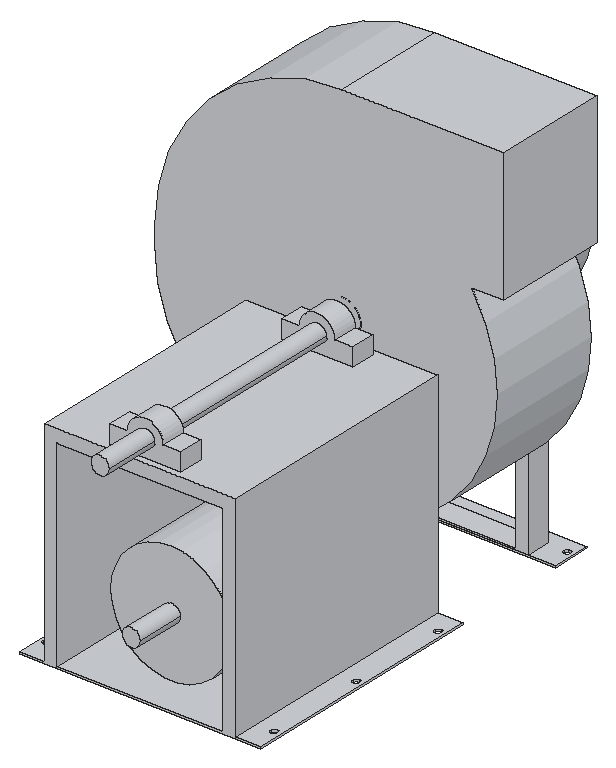
Revit family "IMH_ARR_10", category Mechanical Equipment, Revit 2019
Family settings
  Round Connector Dimension = Use Radius
  Part Type = Normal
  Work Plane-Based = No
  Always vertical = No
  Cut with Voids When Loaded = No
  Shared = No
  Room Calculation Point = No
Parameters (values of type "110_MH_ARR_10")
  ZERO = 0.00°  # constant formula
  Z = 20 13/16"
  Y = 14 7/16"
  X = 15 3/4"
  W = 8"
  Unit Weight [instance] = ""
  UNIT_SIZE = 110
  UBD_CW = if(UBD, CW, NO)  # no
  UBD_CCW = if(UBD, CCW, NO)  # no
  UBD = no
  U = 8 13/16"
  THIRD_CURVE = A / 6  # 1.72917"
  THD_CW = if(THD, CW, NO)  # yes
  THD_CCW = if(THD, CCW, NO)  # no
  THD = yes
  TAU_CW = if(TAU, CW, NO)  # no
  TAU_CCW = if(TAU, CCW, NO)  # no
  TAU = no
  TAD_CW = if(TAD, CW, NO)  # no
  TAD_CCW = if(TAD, CCW, NO)  # no
  TAD = no
  T/2 = T / 2  # 23/32"
  T+T+1" = T + T + 1"  # 3 7/8"
  T = 1 7/16"
  Sones [instance] = ""
  SECOND_CURVE = A / 8  # 1 19/64"
  S = 6 1/2"
  R*.75 = -R * 0.75  # -12 3/8"
  R = 16 1/2"
  Q = R / 2  # 8 1/4"
  P/2 = P / 2  # 9/32"
  P = 9/16"
  NO = UNIT_SIZE = 9999999999999  # no
  N-A = N - A  # 6 1/16"
  N = 16 7/16"
  Motor RPM [instance] = ""
  Motor Enclosure [instance] = ""
  ModelID [instance] = ""
  M/2 = M / 2  # 6 1/2"
  M-(A/5) = M - (A / 5)  # 10.925"
  M*.9 = M - (A / 5)  # 10.925"
  M = 13"
  LwA [instance] = ""
  L_RAD = 18 5/32"
  L = 15 1/16"
  K = 9 3/16"
  J = 4"
  H = 35 3/16"
  G = 32 7/8"
  Fan RPM [instance] = ""
  FIRST_CURVE = 0"  # constant formula
  F = 25"
  E/2 = E / 2  # 4 27/32"
  E-2" = E - 2"  # 7 11/16"
  E = 9 11/16"
  DBD_CW = if(DBD, CW, NO)  # no
  DBD_CCW = if(DBD, CCW, NO)  # no
  DBD = no
  CW = yes
  CCW = not(CW)  # no
  BHD_CW = if(BHD, CW, NO)  # no
  BHD_CCW = if(BHD, CCW, NO)  # no
  BHD = no
  BAU_CW = if(BAU, CW, NO)  # no
  BAU_CCW = if(BAU, CCW, NO)  # no
  BAU = no
  BAD_CW = if(BAD, CW, NO)  # no
  BAD_CCW = if(BAD, CCW, NO)  # no
  BAD = no
  Accessories [instance] = ""
  2T = T + T  # 2 7/8"
  2S = S + S  # 13"
  -R*.75 = -R * 0.75  # -12 3/8"
  -D+.125" = -D + 1/8"  # -18 5/8"
  D = 18 3/4"
  C/2 = C / 2  # 5 1/2"
  C = 11"
  BB = 13 1/16"
  B/2 = B / 2  # 4 9/16"
  B+.25" = B + 1/4"  # 9 3/8"
  B = 9 1/8"
  ANGLEs [instance] = 225.00°
  AA = 13 3/4"
  A/5 = A / 5  # 2.075"
  A/2 = A / 2  # 5 3/16"
  A+.25" = A + 1/4"  # 10 5/8"
  A = 10 3/8"
  90 = 90.00°  # constant formula
  3" = 3"  # constant formula
  Brake Hp [instance] = ""
  4" = 4"  # constant formula
  2' = 24"
  2" = 2"  # constant formula
  1" = 1"  # constant formula
  0 = 0"  # constant formula
  Voltage [instance] = 0 V
  URL = "www.lorencook.com"
  Type Comments = "Industrial Material Handler Backward Inclined Radial Blade Belt Driven Single Width, Single Inlet Arrangement 10"
  Static Pressure [instance] = 0.00 in-wg
  Power [instance] = Voltage * Motor FLA * sqrt(if(Phase = 3, 3, 1))  # 0 VA
  Phase [instance] = 0
  Number of Poles [instance] = 1
  Motor Hp [instance] = "0"
  Motor FLA [instance] = 0 A
  Model = "MH"
  Manufacturer = "Loren Cook Company"
  CFM [instance] = 0 CFM
  1.5 = 1 1/2"  # constant formula
  91*AA = 0.91 * AA  # 12.5125"
  ONE EIGTH = 1/8"  # constant formula
  -F = -F  # -25"
  -D = -D  # -18 3/4"
  -((B + 1/4") / 2) = -((B + 1/4") / 2)  # -4 11/16"
  (N-A)/2 = (N - A) / 2  # 3 1/32"
  (C/2)-.125" = (C / 2) - 1/8"  # 5 3/8"
  (C/2)+2" = (C / 2) + 2"  # 7 1/2"
  (B + 1/4") / 2 = (B + 1/4") / 2  # 4 11/16"
Reference planes (in)
  plane 1 "Center (Front/Back)": y = 0
  plane 2: z = 0
  plane 3 "Center (Left/Right)": x = 0.40541
Forms (in)
  Extrusion 1, solid
    sketch origin (0, 0, 0) x (1, 0, 0) y (0, 0, 1)
      loop
        circle (0.40541, 0) r 1.5
    from -4.6875 <- "-((B + 1/4") / 2)" to 4.6875 <- "(B + 1/4") / 2"
  Extrusion 2, solid
    sketch origin (0, 0, 0) x (1, 0, 0) y (0, 0, 1)
      loop
        line (8.09291, -18.625) -> (8.09291, -1.4375) -> (-7.28209, -1.4375) -> (-7.28209, -18.625) -> (-9.28209, -18.625) -> (-9.28209, -18.75) -> (10.09291, -18.75) -> (10.09291, -18.625) -> (8.09291, -18.625)
      loop
        line (-6.28209, -18.625) -> (7.09291, -18.625) -> (7.09291, -2.4375) -> (-6.28209, -2.4375) -> (-6.28209, -18.625)
    from 25 <- "F" to 4.6875 <- "(B + 1/4") / 2"
  Extrusion 3, solid
    sketch origin (0, -25, 0) x (1, 0, 0) y (0, 0, 1)
      loop
        circle (0.40541, 0) r 0.71875
    from 4 <- "J" to -25 <- "-F"
  Extrusion 4, solid
    sketch origin (0, 0, 0) x (1, 0, 0) y (0, 1, 0)
      loop
        line (-9.28209, 7.875) -> (-9.28209, 4.6875) -> (10.09291, 4.6875) -> (10.09291, 7.875) -> (-9.28209, 7.875)
    from -18.625 <- "-D+.125"" to -18.75 <- "-D"
  Extrusion 5, solid
    sketch origin (0, 4.6875, 0) x (-1, 0, 0) y (0, 0, 1)
      loop
        line (-7.90541, 7.5) -> (-7.90541, -18.625) -> (7.09459, -18.625) -> (7.09459, 7.5) -> (-7.90541, 7.5)
      loop
        line (-6.90541, -7.5) -> (-6.90541, -18.5) -> (6.09459, -18.5) -> (6.09459, -7.5) -> (-6.90541, -7.5)
      loop
        line (-6.90541, -6.5) -> (6.09459, -6.5) -> (6.09459, 6.5) -> (-6.90541, 6.5) -> (-6.90541, -6.5)
    from 0 to 2
  Revolve 6, void
    sketch origin (0.40541, 0, 0) x (0, 1, 0) y (0, 0, 1)
      loop
        line (4.6875, 5.5) -> (0, 4.6875) -> (0, 0) -> (4.6875, 0) -> (4.6875, 5.5)
      axis (0, 0) -> (4.6875, 0)
    angle from 0 to 360
  Extrusion 7, void
    sketch origin (0, 0, 0) x (1, 0, 0) y (0, 1, 0)
      loop
        circle (9.59291, 6.5) r 0.28125
      loop
        circle (9.59291, -6.5) r 0.28125
      loop
        circle (9.59291, -14.75) r 0.28125
      loop
        circle (9.59291, -23) r 0.28125
      loop
        circle (-8.78209, -23) r 0.28125
      loop
        circle (-8.78209, -14.75) r 0.28125
      loop
        circle (-8.78209, -6.5) r 0.28125
      loop
        circle (-8.78209, 6.5) r 0.28125
    from -18.625 <- "-D+.125"" to -18.75 <- "-D"
  Extrusion 8, solid
    sketch origin (0, -25, 0) x (1, 0, 0) y (0, 0, 1)
      loop
        line (-2.46959, 0) -> (-2.46959, -1.4375) -> (3.28041, -1.4375) -> (3.28041, 0) -> (1.84291, 0)
        arc (1.84291, 0) -> (0.40541, 1.4375) -> (-1.03209, 0) r 1.4375
        line (-1.03209, 0) -> (-2.46959, 0)
    from -2.5 to -0.5
  Extrusion 9, solid
    sketch origin (0, -4.6875, 0) x (-1, 0, 0) y (0, 0, 1)
      loop
        arc (1.03209, 0) -> (-0.40541, 1.4375) -> (-1.84291, 0) r 1.4375
        line (-1.84291, 0) -> (-3.28041, 0) -> (-3.28041, -1.4375) -> (2.46959, -1.4375) -> (2.46959, 0) -> (1.03209, 0)
    from -2.5 to -0.5
  Extrusion 10, solid
    sketch origin (0, 4.6875, 0) x (-1, 0, 0) y (0, 0, 1)
      loop
        circle (-0.40541, 0) r 5.375
      loop
        circle (-0.40541, 0) r 5.5
    from 0 <- "0" to 8.8125 <- "U"
  Extrusion 11, solid
    sketch origin (0, -21.875, 0) x (1, 0, 0) y (0, 0, 1)
      loop
        circle (0.40541, -13.78125) r 4.84375
    from 0 to -12.375 <- "-R*.75"
  Extrusion 12, solid
    sketch origin (0, -21.875, 0) x (1, 0, 0) y (0, 0, 1)
      loop
        circle (0.40541, -13.78125) r 0.71875
    from 0 to 4 <- "J"
Cuts and joins
  Revolve 6 cuts Extrusion 1
  Revolve 6 cuts Extrusion 3
  Revolve 6 cuts Extrusion 5
  Extrusion 7 cuts Extrusion 2
  Extrusion 7 cuts Extrusion 4
Lines and regions (in)
  reference lines
    curve 1: line (0.40541, 0, 0) -> (-3.88142, 0, -4.28683)
    curve 2: line (0.40541, 39.4375, 0) -> (0.40541, -53.5625, 0)
Dimensions and locks (in)
  "0": level to curve 1
  "0": curve 1 to plane 3 "Center (Left/Right)"
  "N-A": curve 1 to curve 1
  "E": plane 3 "Center (Left/Right)" to Extrusion 2 sketch curve
  "E": Extrusion 2 sketch curve to plane 3 "Center (Left/Right)"
  "ONE EIGTH": Extrusion 2 sketch curve to Extrusion 2 sketch curve  (x2)
  "D": level to Extrusion 2 sketch curve
  "0": Extrusion 3 sketch curve to plane 3 "Center (Left/Right)"
  "0": Extrusion 3 sketch curve to level
  "G": Extrusion 2 to Extrusion 4 sketch curve
  "0": Extrusion 4 sketch curve to cut or joined group of Extrusion 1, Revolve 6
  "0": Extrusion 4 sketch curve to Extrusion 2
  "0": Extrusion 2 to Extrusion 4 sketch curve
  "1"": Extrusion 5 sketch curve to Extrusion 5 sketch curve  (x6)
  "ONE EIGTH": Extrusion 5 sketch curve to Extrusion 5 sketch curve
  "(C/2)+2"": level to Extrusion 5 sketch curve
  "(C/2)+2"": Extrusion 5 sketch curve to level
  "(C/2)+2"": plane 3 "Center (Left/Right)" to Extrusion 5 sketch curve
  "(C/2)+2"": Extrusion 5 sketch curve to plane 3 "Center (Left/Right)"
  "ONE EIGTH": Extrusion 4 to Extrusion 5 sketch curve
  "0": Revolve 6 sketch curve to level  (x2)
  "(B + 1/4") / 2": Revolve 6 sketch curve to Revolve 6 sketch curve  (x2)
  "0": Revolve 6 sketch curve to cut or joined group of Extrusion 1, Revolve 6
  "K": plane 3 "Center (Left/Right)" to Extrusion 7 sketch curve  (x4)
  "2"": Extrusion 2 to Extrusion 7 sketch curve
  "Q": Extrusion 7 sketch curve to Extrusion 7 sketch curve  (x4)
  "2S": Extrusion 7 sketch curve to Extrusion 7 sketch curve  (x2)
  "K": Extrusion 7 sketch curve to plane 3 "Center (Left/Right)"  (x4)
  "2"": cut or joined group of Extrusion 2, Extrusion 7 to Extrusion 7 sketch curve
  "2T": plane 3 "Center (Left/Right)" to Extrusion 8 sketch curve
  "2T": Extrusion 8 sketch curve to plane 3 "Center (Left/Right)"
  "0": Extrusion 8 sketch curve to level  (x2)
  "0": Extrusion 8 sketch curve to plane 3 "Center (Left/Right)"
  "0": Extrusion 9 sketch curve to plane 3 "Center (Left/Right)"
  "0": Extrusion 9 sketch curve to level  (x2)
  "0": level to Extrusion 9 sketch curve
  "2T": Extrusion 9 sketch curve to plane 3 "Center (Left/Right)"  (x2)
  "C/2": Revolve 6 sketch curve to level
  "0": Extrusion 10 sketch curve to plane 3 "Center (Left/Right)"  (x2)
  "0": Extrusion 10 sketch curve to level  (x2)
  "E-2"": plane 3 "Center (Left/Right)" to Extrusion 2 sketch curve
  "E-2"": Extrusion 2 sketch curve to plane 3 "Center (Left/Right)"
  "T": level to Extrusion 2 sketch curve
  "2"": Extrusion 2 sketch curve to Extrusion 2 sketch curve  (x2)
  "E/2": cut or joined group of Extrusion 2, Extrusion 7 to Extrusion 11 sketch curve
  "0": Extrusion 12 sketch curve to plane 3 "Center (Left/Right)"
  "E/2": cut or joined group of Extrusion 2, Extrusion 7 to Extrusion 12 sketch curve
  locked: Extrusion 2 sketch curve to Extrusion 2 sketch curve at 1  (x3)
  "0": Extrusion 11 sketch curve to plane 3 "Center (Left/Right)"
  "T/2": radius of Extrusion 3 sketch curve
  "P/2": radius of Extrusion 7 sketch curve  (x8)
  "T": radius of Extrusion 8 sketch curve
  "T": radius of Extrusion 9 sketch curve
  "C/2": radius of Extrusion 10 sketch curve
  "(C/2)-.125"": radius of Extrusion 10 sketch curve
  "E/2": radius of Extrusion 11 sketch curve
  "T/2": radius of Extrusion 12 sketch curve
  "ANGLEs": angle curve 1 to plane 3 "Center (Left/Right)"
  aligned and locked: level to plane 2
  aligned and locked: plane 3 "Center (Left/Right)" to nested 1
  aligned and locked: nested 4 to plane 3 "Center (Left/Right)"
  aligned and locked: nested 4 to nested 5
  aligned and locked: nested 5 to nested 6
  aligned and locked: nested 4 to nested 2
  aligned and locked: level to nested 4
  aligned and locked: level to nested 3
  aligned and locked: level to nested 5
  aligned and locked: level to nested 2
  aligned and locked: level to nested 8
  aligned and locked: plane 1 "Center (Front/Back)" to nested 8
  aligned and locked: plane 1 "Center (Front/Back)" to nested 7
  aligned and locked: plane 1 "Center (Front/Back)" to nested 3
  aligned and locked: plane 1 "Center (Front/Back)" to nested 2
  aligned and locked: plane 1 "Center (Front/Back)" to nested 6
  aligned and locked: plane 1 "Center (Front/Back)" to nested 5
  aligned and locked: plane 1 "Center (Front/Back)" to nested 4
  aligned and locked: level to nested 12
  aligned and locked: level to nested 11
  aligned and locked: level to nested 13
  aligned and locked: level to nested 10
  aligned and locked: level to nested 16
  aligned and locked: nested 15 to plane 1 "Center (Front/Back)"
  aligned and locked: plane 3 "Center (Left/Right)" to nested 15
  aligned and locked: nested 11 to plane 1 "Center (Front/Back)"
  aligned and locked: plane 3 "Center (Left/Right)" to nested 11
  aligned and locked: nested 16 to plane 1 "Center (Front/Back)"
  aligned and locked: plane 3 "Center (Left/Right)" to nested 16
  aligned and locked: nested 13 to plane 1 "Center (Front/Back)"
  aligned and locked: nested 12 to plane 1 "Center (Front/Back)"
  aligned and locked: nested 12 to curve 2
  aligned and locked: nested 10 to plane 1 "Center (Front/Back)"
  aligned and locked: plane 3 "Center (Left/Right)" to nested 10
  aligned and locked: nested 14 to plane 1 "Center (Front/Back)"
  aligned and locked: nested 9 to plane 1 "Center (Front/Back)"
  aligned and locked: plane 3 "Center (Left/Right)" to nested 14
  aligned and locked: nested 9 to plane 3 "Center (Left/Right)"
  aligned and locked: plane 3 "Center (Left/Right)" to nested 13
  aligned and locked: nested 3 to plane 3 "Center (Left/Right)"
  aligned and locked: nested 7 to plane 3 "Center (Left/Right)"
  aligned and locked: nested 8 to plane 3 "Center (Left/Right)"
  aligned and locked: Extrusion 2 sketch curve to Extrusion 2 sketch curve
  aligned and locked: level to nested 14
  aligned and locked: level to nested 6
Automatic sketch dimensions
  Revolve 6 sketch curve to Revolve 6 sketch curve = 4 1/4"
  Revolve 6 sketch curve to Revolve 6 sketch curve = 1 3/4"
  Extrusion 8 sketch curve to Extrusion 2 = 0"
  Extrusion 9 sketch curve to Extrusion 2 = 0"
  Extrusion 1 sketch curve to level = 0"
  Extrusion 1 sketch curve to plane 3 "Center (Left/Right)" = 0"
  curve 2 to plane 3 "Center (Left/Right)" = 0"
  plane 1 "Center (Front/Back)" to curve 2 = 53 9/16"
  curve 2 to plane 1 "Center (Front/Back)" = 39 7/16"
  radius of Extrusion 1 sketch curve = 1 1/2"
Nested families (in)
  nested 1: "IMH_SCROLL" at (0, 3, 0), visible <- "THD_CW", type "IMH_SCROLL"
    with UNIT_SIZE 110, N 16 7/16", M 13", L 15 1/16", C 11", B+.25" 9 3/8", B 9 1/8", AA 13 3/4", A/4 2 19/32", A+.25" 10 5/8", A 10 3/8"
  nested 2: "IMH_SCROLL" at (0.81082, 3, 0) x (-1, 0, 0) z (0, 0, -1), visible <- "BHD_CW", type "IMH_SCROLL"
    with UNIT_SIZE 110, N 16 7/16", M 13", L 15 1/16", C 11", B+.25" 9 3/8", B 9 1/8", AA 13 3/4", A/4 2 19/32", A+.25" 10 5/8", A 10 3/8"
  nested 3: "IMH_SCROLL" at (0.11874, 3, 0.28667) x (0.7071, 0, -0.7071) z (0.7071, 0, 0.7071), visible <- "TAD_CW", type "IMH_SCROLL"
    with UNIT_SIZE 110, N 16 7/16", M 13", L 15 1/16", C 11", B+.25" 9 3/8", B 9 1/8", AA 13 3/4", A/4 2 19/32", A+.25" 10 5/8", A 10 3/8"
  nested 4: "IMH_SCROLL" at (0.11874, 3, -0.28667) x (0.7071, 0, 0.7071) z (-0.7071, 0, 0.7071), visible <- "TAU_CW", type "IMH_SCROLL"
    with UNIT_SIZE 110, N 16 7/16", M 13", L 15 1/16", C 11", B+.25" 9 3/8", B 9 1/8", AA 13 3/4", A/4 2 19/32", A+.25" 10 5/8", A 10 3/8"
  nested 5: "IMH_SCROLL" at (0.40541, 3, -0.40541) x (0, 0, 1) z (-1, 0, 0), visible <- "UBD_CW", type "IMH_SCROLL"
    with UNIT_SIZE 110, N 16 7/16", M 13", L 15 1/16", C 11", B+.25" 9 3/8", B 9 1/8", AA 13 3/4", A/4 2 19/32", A+.25" 10 5/8", A 10 3/8"
  nested 6: "IMH_SCROLL" at (0.69208, 3, -0.28667) x (-0.7071, 0, 0.7071) z (-0.7071, 0, -0.7071), visible <- "BAU_CW", type "IMH_SCROLL"
    with UNIT_SIZE 110, N 16 7/16", M 13", L 15 1/16", C 11", B+.25" 9 3/8", B 9 1/8", AA 13 3/4", A/4 2 19/32", A+.25" 10 5/8", A 10 3/8"
  nested 7: "IMH_SCROLL" at (0.40541, 3, 0.40541) x (0, 0, -1) z (1, 0, 0), visible <- "DBD_CW", type "IMH_SCROLL"
    with UNIT_SIZE 110, N 16 7/16", M 13", L 15 1/16", C 11", B+.25" 9 3/8", B 9 1/8", AA 13 3/4", A/4 2 19/32", A+.25" 10 5/8", A 10 3/8"
  nested 8: "IMH_SCROLL" at (0.69208, 3, 0.28667) x (-0.7071, 0, -0.7071) z (0.7071, 0, -0.7071), visible <- "BAD_CW", type "IMH_SCROLL"
    with UNIT_SIZE 110, N 16 7/16", M 13", L 15 1/16", C 11", B+.25" 9 3/8", B 9 1/8", AA 13 3/4", A/4 2 19/32", A+.25" 10 5/8", A 10 3/8"
  nested 9: "IMH_SCROLL" at (0.81082, -3, 0) x (-1, 0, 0) z (0, 0, 1), visible <- "THD_CCW", type "IMH_SCROLL"
    with UNIT_SIZE 110, N 16 7/16", M 13", L 15 1/16", C 11", B+.25" 9 3/8", B 9 1/8", AA 13 3/4", A/4 2 19/32", A+.25" 10 5/8", A 10 3/8"
  nested 10: "IMH_SCROLL" at (0, -3, 0) x (1, 0, 0) z (0, 0, -1), visible <- "BHD_CCW", type "IMH_SCROLL"
    with UNIT_SIZE 110, N 16 7/16", M 13", L 15 1/16", C 11", B+.25" 9 3/8", B 9 1/8", AA 13 3/4", A/4 2 19/32", A+.25" 10 5/8", A 10 3/8"
  nested 11: "IMH_SCROLL" at (0.69208, -3, 0.28667) x (-0.7071, 0, -0.7071) z (-0.7071, 0, 0.7071), visible <- "TAD_CCW", type "IMH_SCROLL"
    with UNIT_SIZE 110, N 16 7/16", M 13", L 15 1/16", C 11", B+.25" 9 3/8", B 9 1/8", AA 13 3/4", A/4 2 19/32", A+.25" 10 5/8", A 10 3/8"
  nested 12: "IMH_SCROLL" at (0.69208, -3, -0.28667) x (-0.7071, 0, 0.7071) z (0.7071, 0, 0.7071), visible <- "TAU_CCW", type "IMH_SCROLL"
    with UNIT_SIZE 110, N 16 7/16", M 13", L 15 1/16", C 11", B+.25" 9 3/8", B 9 1/8", AA 13 3/4", A/4 2 19/32", A+.25" 10 5/8", A 10 3/8"
  nested 13: "IMH_SCROLL" at (0.40541, -3, -0.40541) x (0, 0, 1) z (1, 0, 0), visible <- "UBD_CCW", type "IMH_SCROLL"
    with UNIT_SIZE 110, N 16 7/16", M 13", L 15 1/16", C 11", B+.25" 9 3/8", B 9 1/8", AA 13 3/4", A/4 2 19/32", A+.25" 10 5/8", A 10 3/8"
  nested 14: "IMH_SCROLL" at (0.11874, -3, -0.28667) x (0.7071, 0, 0.7071) z (0.7071, 0, -0.7071), visible <- "BAU_CCW", type "IMH_SCROLL"
    with UNIT_SIZE 110, N 16 7/16", M 13", L 15 1/16", C 11", B+.25" 9 3/8", B 9 1/8", AA 13 3/4", A/4 2 19/32", A+.25" 10 5/8", A 10 3/8"
  nested 15: "IMH_SCROLL" at (0.40541, -3, 2.09518) x (0, 0, -1) z (-1, 0, 0), visible <- "DBD_CCW", type "IMH_SCROLL"
    with UNIT_SIZE 110, N 16 7/16", M 13", L 15 1/16", C 11", B+.25" 9 3/8", B 9 1/8", AA 13 3/4", A/4 2 19/32", A+.25" 10 5/8", A 10 3/8"
  nested 16: "IMH_SCROLL" at (0.11874, -3, 0.28667) x (0.7071, 0, -0.7071) z (-0.7071, 0, -0.7071), visible <- "BAD_CCW", type "IMH_SCROLL"
    with UNIT_SIZE 110, N 16 7/16", M 13", L 15 1/16", C 11", B+.25" 9 3/8", B 9 1/8", AA 13 3/4", A/4 2 19/32", A+.25" 10 5/8", A 10 3/8"
Connectors (in)
  hvac at (0.40541, 13.5, 0), driven by "CFM", driven by "C/2"
    settings: on Extrusion 10, index 3, duct flow 0 CFM, flow factor 0, pres drop 0.00 in-wg, loss coef 0, conn angle 0.00°, conn width 12", conn height 12", conn diameter 11", duct sys type 3, conn prof type 0, flow config 0, flow direction 1, loss method 0, conn ref index -1, conn util no, is conn primary yes, conn desc ""
  hvac at (1.73124, 0, 17.05895), driven by "CFM", driven by "A", driven by "B"
    settings: on nested 4, index 5, duct flow 0 CFM, flow factor 0, pres drop 0.00 in-wg, loss coef 0, conn angle 0.00°, conn width 9 1/8", conn height 10 3/8", conn diameter 24", duct sys type 3, conn prof type 1, flow config 0, flow direction 1, loss method 0, conn ref index -1, conn util no, is conn primary no, conn desc ""
  hvac at (13.40541, 0, 11.125), driven by "CFM", driven by "A", driven by "B"
    settings: on nested 1, index 6, duct flow 0 CFM, flow factor 0, pres drop 0.00 in-wg, loss coef 0, conn angle 0.00°, conn width 9 1/8", conn height 10 3/8", conn diameter 24", duct sys type 3, conn prof type 1, flow config 0, flow direction 1, loss method 0, conn ref index -1, conn util no, is conn primary no, conn desc ""
  hvac at (17.46436, 0, -1.32583), driven by "CFM", driven by "A", driven by "B"
    settings: on nested 3, index 7, duct flow 0 CFM, flow factor 0, pres drop 0.00 in-wg, loss coef 0, conn angle 0.00°, conn width 9 1/8", conn height 10 3/8", conn diameter 24", duct sys type 3, conn prof type 1, flow config 0, flow direction 1, loss method 0, conn ref index -1, conn util no, is conn primary no, conn desc ""
  hvac at (11.53041, 0, -13), driven by "CFM", driven by "A", driven by "B"
    settings: on nested 7, index 8, duct flow 0 CFM, flow factor 0, pres drop 0.00 in-wg, loss coef 0, conn angle 0.00°, conn width 9 1/8", conn height 10 3/8", conn diameter 24", duct sys type 3, conn prof type 1, flow config 0, flow direction 1, loss method 0, conn ref index -1, conn util no, is conn primary no, conn desc ""
  hvac at (-0.92041, 0, -17.05895), driven by "CFM", driven by "A", driven by "B"
    settings: on nested 8, index 9, duct flow 0 CFM, flow factor 0, pres drop 0.00 in-wg, loss coef 0, conn angle 0.00°, conn width 9 1/8", conn height 10 3/8", conn diameter 24", duct sys type 3, conn prof type 1, flow config 0, flow direction 1, loss method 0, conn ref index -1, conn util no, is conn primary no, conn desc ""
  hvac at (-12.59459, 0, -11.125), driven by "CFM", driven by "A", driven by "B"
    settings: on nested 2, index 10, duct flow 0 CFM, flow factor 0, pres drop 0.00 in-wg, loss coef 0, conn angle 0.00°, conn width 9 1/8", conn height 10 3/8", conn diameter 24", duct sys type 3, conn prof type 1, flow config 0, flow direction 1, loss method 0, conn ref index -1, conn util no, is conn primary no, conn desc ""
  hvac at (-16.65354, 0, 1.32583), driven by "CFM", driven by "A", driven by "B"
    settings: on nested 6, index 11, duct flow 0 CFM, flow factor 0, pres drop 0.00 in-wg, loss coef 0, conn angle 0.00°, conn width 9 1/8", conn height 10 3/8", conn diameter 24", duct sys type 3, conn prof type 1, flow config 0, flow direction 1, loss method 0, conn ref index -1, conn util no, is conn primary no, conn desc ""
  hvac at (-10.71959, 0, 13), driven by "CFM", driven by "A", driven by "B"
    settings: on nested 5, index 12, duct flow 0 CFM, flow factor 0, pres drop 0.00 in-wg, loss coef 0, conn angle 0.00°, conn width 9 1/8", conn height 10 3/8", conn diameter 24", duct sys type 3, conn prof type 1, flow config 0, flow direction 1, loss method 0, conn ref index -1, conn util no, is conn primary no, conn desc ""
  hvac at (-0.92041, 0, 17.05895), driven by "CFM", driven by "A", driven by "B"
    settings: on nested 12, index 13, duct flow 0 CFM, flow factor 0, pres drop 0.00 in-wg, loss coef 0, conn angle 0.00°, conn width 9 1/8", conn height 10 3/8", conn diameter 24", duct sys type 3, conn prof type 1, flow config 0, flow direction 1, loss method 0, conn ref index -1, conn util no, is conn primary no, conn desc ""
  hvac at (-12.59459, 0, 11.125), driven by "CFM", driven by "A", driven by "B"
    settings: on nested 9, index 14, duct flow 0 CFM, flow factor 0, pres drop 0.00 in-wg, loss coef 0, conn angle 0.00°, conn width 9 1/8", conn height 10 3/8", conn diameter 24", duct sys type 3, conn prof type 1, flow config 0, flow direction 1, loss method 0, conn ref index -1, conn util no, is conn primary no, conn desc ""
  hvac at (-16.65354, 0, -1.32583), driven by "CFM", driven by "A", driven by "B"
    settings: on nested 11, index 15, duct flow 0 CFM, flow factor 0, pres drop 0.00 in-wg, loss coef 0, conn angle 0.00°, conn width 9 1/8", conn height 10 3/8", conn diameter 24", duct sys type 3, conn prof type 1, flow config 0, flow direction 1, loss method 0, conn ref index -1, conn util no, is conn primary no, conn desc ""
  hvac at (-10.71959, 0, -11.31023), driven by "CFM", driven by "A", driven by "B"
    settings: on nested 15, index 16, duct flow 0 CFM, flow factor 0, pres drop 0.00 in-wg, loss coef 0, conn angle 0.00°, conn width 9 1/8", conn height 10 3/8", conn diameter 24", duct sys type 3, conn prof type 1, flow config 0, flow direction 1, loss method 0, conn ref index -1, conn util no, is conn primary no, conn desc ""
  hvac at (1.73124, 0, -17.05895), driven by "CFM", driven by "A", driven by "B"
    settings: on nested 16, index 17, duct flow 0 CFM, flow factor 0, pres drop 0.00 in-wg, loss coef 0, conn angle 0.00°, conn width 9 1/8", conn height 10 3/8", conn diameter 24", duct sys type 3, conn prof type 1, flow config 0, flow direction 1, loss method 0, conn ref index -1, conn util no, is conn primary no, conn desc ""
  hvac at (13.40541, 0, -11.125), driven by "CFM", driven by "A", driven by "B"
    settings: on nested 10, index 18, duct flow 0 CFM, flow factor 0, pres drop 0.00 in-wg, loss coef 0, conn angle 0.00°, conn width 9 1/8", conn height 10 3/8", conn diameter 24", duct sys type 3, conn prof type 1, flow config 0, flow direction 1, loss method 0, conn ref index -1, conn util no, is conn primary no, conn desc ""
  hvac at (17.46436, 0, 1.32583), driven by "CFM", driven by "A", driven by "B"
    settings: on nested 14, index 19, duct flow 0 CFM, flow factor 0, pres drop 0.00 in-wg, loss coef 0, conn angle 0.00°, conn width 9 1/8", conn height 10 3/8", conn diameter 24", duct sys type 3, conn prof type 1, flow config 0, flow direction 1, loss method 0, conn ref index -1, conn util no, is conn primary no, conn desc ""
  hvac at (11.53041, 0, 13), driven by "CFM", driven by "A", driven by "B"
    settings: on nested 13, index 20, duct flow 0 CFM, flow factor 0, pres drop 0.00 in-wg, loss coef 0, conn angle 0.00°, conn width 9 1/8", conn height 10 3/8", conn diameter 24", duct sys type 3, conn prof type 1, flow config 0, flow direction 1, loss method 0, conn ref index -1, conn util no, is conn primary no, conn desc ""
  electrical at (8.09291, -14.84375, -10.03125)
    settings: on cut or joined group of Extrusion 2, Extrusion 7, index 21, voltage 0 V, apparent load 0 VA, apparent load phase1 0 VA, apparent load phase2 0 VA, apparent load phase3 0 VA, power factor 1, load classification "Other", number of poles 1, system type 30, power factor state 1, is connector primary yes, connector utility no, sub classification motor no, connector description ""
Definition of nested family "IMH_SCROLL"
  Parameters
    URL = "www.lorencook.com"
    UNIT_SIZE = 170
    Type Comments = "_"  # constant formula
    N = if(UNIT_SIZE = 70, 10 9/16", if(UNIT_SIZE = 90, 13 1/2", if(UNIT_SIZE = 110, 16 7/16", if(UNIT_SIZE = 130, 19 7/16", if(UNIT_SIZE = 150, 22 3/8", if(UNIT_SIZE = 170, 25 3/8", if(UNIT_SIZE = 190, 28 1/4", if(UNIT_SIZE = 210, 31 1/4", if(UNIT_SIZE = 230, 34 5/16", if(UNIT_SIZE = 260, 41 3/16", 45 7/8"))))))))))  # 25 3/8"
    Model = "BLANK"  # constant formula
    Manufacturer = "Loren Cook Company"
    M = if(UNIT_SIZE = 70, 8 5/16", if(UNIT_SIZE = 90, 10 5/8", if(UNIT_SIZE = 110, 13", if(UNIT_SIZE = 130, 15 3/8", if(UNIT_SIZE = 150, 17 3/4", if(UNIT_SIZE = 170, 20 1/8", if(UNIT_SIZE = 190, 22 7/16", if(UNIT_SIZE = 210, 23", if(UNIT_SIZE = 230, 26", if(UNIT_SIZE = 260, 29", 31 3/4"))))))))))  # 20 1/8"
    L = if(UNIT_SIZE = 70, 9 11/16", if(UNIT_SIZE = 90, 12 5/16", if(UNIT_SIZE = 110, 15 1/16", if(UNIT_SIZE = 130, 17 13/16", if(UNIT_SIZE = 150, 20 5/8", if(UNIT_SIZE = 170, 23 3/4", if(UNIT_SIZE = 190, 25 15/16", if(UNIT_SIZE = 210, 28 1/2", if(UNIT_SIZE = 230, 31 1/4", if(UNIT_SIZE = 260, 35 1/8", 39 1/2"))))))))))  # 23 3/4"
    C = if(UNIT_SIZE = 70, 7", if(UNIT_SIZE = 90, 9", if(UNIT_SIZE = 110, 11", if(UNIT_SIZE = 130, 13", if(UNIT_SIZE = 150, 15", if(UNIT_SIZE = 170, 17", if(UNIT_SIZE = 190, 19", if(UNIT_SIZE = 210, 21", if(UNIT_SIZE = 230, 23", if(UNIT_SIZE = 260, 26", 29"))))))))))  # 17"
    B+.25" = B + 1/4"  # 14 1/2"
    B = if(UNIT_SIZE = 70, 5 7/8", if(UNIT_SIZE = 90, 7 1/2", if(UNIT_SIZE = 110, 9 1/8", if(UNIT_SIZE = 130, 10 7/8", if(UNIT_SIZE = 150, 12 9/16", if(UNIT_SIZE = 170, 14 1/4", if(UNIT_SIZE = 190, 15 7/8", if(UNIT_SIZE = 210, 17 9/16", if(UNIT_SIZE = 230, 19 1/4", if(UNIT_SIZE = 260, 21 3/4", 24 1/4"))))))))))  # 14 1/4"
    AA = if(UNIT_SIZE = 70, 8 13/16", if(UNIT_SIZE = 90, 11 3/16", if(UNIT_SIZE = 110, 13 3/4", if(UNIT_SIZE = 130, 16 3/16", if(UNIT_SIZE = 150, 18 7/8", if(UNIT_SIZE = 170, 21 1/4", if(UNIT_SIZE = 190, 23 3/4", if(UNIT_SIZE = 210, 25 3/4", if(UNIT_SIZE = 230, 28 5/16", if(UNIT_SIZE = 260, 31 7/8", 35 3/4"))))))))))  # 21 1/4"
    A/4 = A / 4  # 4"
    A+.25" = A + 1/4"  # 16 1/4"
    A = if(UNIT_SIZE = 70, 6 5/8", if(UNIT_SIZE = 90, 8 7/16", if(UNIT_SIZE = 110, 10 3/8", if(UNIT_SIZE = 130, 12 3/16", if(UNIT_SIZE = 150, 14 1/16", if(UNIT_SIZE = 170, 16", if(UNIT_SIZE = 190, 17 13/16", if(UNIT_SIZE = 210, 19 3/4", if(UNIT_SIZE = 230, 21 5/8", if(UNIT_SIZE = 260, 24 7/16", 27 5/16"))))))))))  # 16"
  Reference planes (in)
    plane 1 "Center (Front/Back)": y = -3
    plane 2: z = 0
    plane 3 "Center (Left/Right)": x = 0.40541
    plane 4: z = -21.25
    plane 5: x = -23.34459
    plane 6: z = 25.375
    plane 7: x = 20.53041
    plane 8: x = 16.53041
    plane 9: z = 9.125
    plane 10: y = 4.25
    plane 11: y = -10.25
  Forms (in)
    Extrusion 1, solid
      sketch origin (0, -3, 0) x (1, 0, 0) y (0, 0, 1)
        loop
          line (16.53041, 9.125) -> (20.53041, 9.125) -> (20.53041, 25.375) -> (0.40541, 25.375)
          arc (0.40541, 25.375) -> (-16.38837, 18.41879) -> (-23.34459, 1.625) r 23.75
          line (-23.34459, 1.625) -> (-23.34459, 0)
          arc (-23.34459, 0) -> (-17.12061, -15.02602) -> (-2.09459, -21.25) r 21.25
          line (-2.09459, -21.25) -> (0.40541, -21.25)
          arc (0.40541, -21.25) -> (17.6003, -10.91056) -> (16.53041, 9.125) r 19.46759
      from -7.25 to 7.25
  Lines and regions (in)
    reference lines
      curve 1: line (0.40541, 30.25, 0) -> (0.40541, -30.75, 0)
  Dimensions and locks (in)
    "M": plane 7 to plane 3 "Center (Left/Right)"
    "L": plane 3 "Center (Left/Right)" to plane 5
    "AA": level to plane 4
    "N": plane 6 to level
    "A/4": plane 7 to plane 8
    "A+.25"": plane 6 to plane 9
    equal spacing: plane 10, plane 1 "Center (Front/Back)", plane 11
    "B+.25"": plane 11 to plane 10
    "L": radius of Extrusion 1 sketch curve
    "AA": radius of Extrusion 1 sketch curve
    aligned and locked: Extrusion 1 sketch curve to plane 6
    aligned and locked: plane 7 to Extrusion 1 sketch curve
    aligned and locked: Extrusion 1 sketch curve to plane 9
    aligned and locked: plane 8 to Extrusion 1 sketch curve
    aligned and locked: plane 3 "Center (Left/Right)" to Extrusion 1 sketch curve
    aligned and locked: Extrusion 1 sketch curve to plane 4
    aligned and locked: plane 5 to Extrusion 1 sketch curve
    aligned and locked: level to Extrusion 1 sketch curve
    aligned and locked: plane 10 to Extrusion 1
    aligned and locked: plane 11 to Extrusion 1
    aligned and locked: curve 1 to plane 3 "Center (Left/Right)"
    aligned and locked: curve 1 to level
  Automatic sketch dimensions
    Extrusion 1 sketch curve to plane 3 "Center (Left/Right)" = 0"
    plane 11 to curve 1 = 20 1/2"
    plane 10 to curve 1 = 26"
Types (45): name | Z | Y | X | W | UNIT_SIZE | U | THIRD_CURVE | T/2 | T+T+1" | T | SECOND_CURVE | S | R*.75 | R | Q | P/2 | P | N-A | N | M/2 | M-(A/5) | M*.9 | M | L | K | J | H | G | F | E/2 | E-2" | E | 2T | 2S | -R*.75 | -D+.125" | D | C/2 | C | BB | B/2 | B+.25" | B | AA | A/5 | A/2 | A+.25" | A | Type Comments | Model | 91*AA | -F | -D | -((B + 1/4") / 2) | (N-A)/2 | (C/2)-.125" | (C/2)+2" | (B + 1/4") / 2
  (no name) | 20 13/16" | 14 7/16" | 15 3/4" | 8" | 110 | 8 13/16" | 1.72917" | 23/32" | 3 7/8" | 1 7/16" | 1 19/64" | 6 1/2" | -12 3/8" | 16 1/2" | 8 1/4" | 9/32" | 9/16" | 6 1/16" | 16 7/16" | 6 1/2" | 10.925" | 10.925" | 13" | 15 1/16" | 9 3/16" | 4" | 35 3/16" | 32 7/8" | 25" | 4 27/32" | 7 11/16" | 9 11/16" | 2 7/8" | 13" | -12 3/8" | -18 5/8" | 18 3/4" | 5 1/2" | 11" | 13 1/16" | 4 9/16" | 9 3/8" | 9 1/8" | 13 3/4" | 2.075" | 5 3/16" | 10 5/8" | 10 3/8" | "Industrial Material Handler Backward Inclined Radial Blade Belt Driven Single Width, Single Inlet Arrangement 10" | "MH" | 12.5125" | -25" | -18 3/4" | -4 11/16" | 3 1/32" | 5 3/8" | 7 1/2" | 4 11/16"
  70_MHA_ARR_10 | 13 3/8" | 9 1/4" | 10 1/8" | 6" | 70 | 6 3/16" | 1.10417" | 19/32" | 3 3/8" | 1 3/16" | 53/64" | 4 1/4" | -11 5/32" | 14 7/8" | 7 7/16" | 9/32" | 9/16" | 3 15/16" | 10 9/16" | 4 5/32" | 6.9875" | 6.9875" | 8 5/16" | 9 11/16" | 9 3/16" | 4" | 24 3/16" | 26 1/4" | 21 1/16" | 4 27/32" | 7 11/16" | 9 11/16" | 2 3/8" | 8 1/2" | -11 5/32" | -14 1/8" | 14 1/4" | 3 1/2" | 7" | 8 3/8" | 2 15/16" | 6 1/8" | 5 7/8" | 8 13/16" | 1.325" | 3 5/16" | 6 7/8" | 6 5/8" | "Industrial Material Handler Backward Inclined Flat Blade Belt Driven Single Width, Single Inlet Arrangement 10" | "MHA" | 8.01938" | -21 1/16" | -14 1/4" | -3 1/16" | 1 31/32" | 3 3/8" | 5 1/2" | 3 1/16"
  90_MHA_ARR_10 | 17 1/16" | 11 3/4" | 12 15/16" | 6" | 90 | 7" | 1 13/32" | 23/32" | 3 7/8" | 1 7/16" | 1 7/128" | 5 1/16" | -11 5/32" | 14 7/8" | 7 7/16" | 9/32" | 9/16" | 5 1/16" | 13 1/2" | 5 5/16" | 8 15/16" | 8 15/16" | 10 5/8" | 12 5/16" | 9 3/16" | 4" | 28 3/4" | 27 7/8" | 21 7/8" | 4 27/32" | 7 11/16" | 9 11/16" | 2 7/8" | 10 1/8" | -11 5/32" | -15 1/8" | 15 1/4" | 4 1/2" | 9" | 10 5/8" | 3 3/4" | 7 3/4" | 7 1/2" | 11 3/16" | 1 11/16" | 4 7/32" | 8 11/16" | 8 7/16" | "Industrial Material Handler Backward Inclined Flat Blade Belt Driven Single Width, Single Inlet Arrangement 10" | "MHA" | 10.18063" | -21 7/8" | -15 1/4" | -3 7/8" | 2 17/32" | 4 3/8" | 6 1/2" | 3 7/8"
  110_MHA_ARR_10 | 20 13/16" | 14 7/16" | 15 3/4" | 8" | 110 | 8 13/16" | 1.72917" | 23/32" | 3 7/8" | 1 7/16" | 1 19/64" | 6 1/2" | -12 3/8" | 16 1/2" | 8 1/4" | 9/32" | 9/16" | 6 1/16" | 16 7/16" | 6 1/2" | 10.925" | 10.925" | 13" | 15 1/16" | 9 3/16" | 4" | 35 3/16" | 32 7/8" | 25" | 4 27/32" | 7 11/16" | 9 11/16" | 2 7/8" | 13" | -12 3/8" | -18 5/8" | 18 3/4" | 5 1/2" | 11" | 13 1/16" | 4 9/16" | 9 3/8" | 9 1/8" | 13 3/4" | 2.075" | 5 3/16" | 10 5/8" | 10 3/8" | "Industrial Material Handler Backward Inclined Flat Blade Belt Driven Single Width, Single Inlet Arrangement 10" | "MHA" | 12.5125" | -25" | -18 3/4" | -4 11/16" | 3 1/32" | 5 3/8" | 7 1/2" | 4 11/16"
  130_MHA_ARR_10 | 24 5/8" | 17" | 18 5/8" | 8" | 130 | 9 13/16" | 2 1/32" | 27/32" | 4 3/8" | 1 11/16" | 1 67/128" | 7 3/8" | -12 9/16" | 16 3/4" | 8 3/8" | 11/32" | 11/16" | 7 1/4" | 19 7/16" | 7 11/16" | 12 15/16" | 12 15/16" | 15 3/8" | 17 13/16" | 11" | 5" | 41 3/16" | 34 7/8" | 26 3/16" | 5 7/8" | 9 3/4" | 11 3/4" | 3 3/8" | 14 3/4" | -12 9/16" | -21 5/8" | 21 3/4" | 6 1/2" | 13" | 15 3/8" | 5 7/16" | 11 1/8" | 10 7/8" | 16 3/16" | 2 7/16" | 6 3/32" | 12 7/16" | 12 3/16" | "Industrial Material Handler Backward Inclined Flat Blade Belt Driven Single Width, Single Inlet Arrangement 10" | "MHA" | 14.73063" | -26 3/16" | -21 3/4" | -5 9/16" | 3 5/8" | 6 3/8" | 8 1/2" | 5 9/16"
  150_MHA_ARR_10 | 28 3/8" | 19 3/4" | 21 1/2" | 8" | 150 | 10 11/16" | 2 11/32" | 31/32" | 4 7/8" | 1 15/16" | 1 97/128" | 8 7/32" | -16 1/8" | 21 1/2" | 10 3/4" | 11/32" | 11/16" | 8 5/16" | 22 3/8" | 8 7/8" | 14 15/16" | 14 15/16" | 17 3/4" | 20 5/8" | 12 1/4" | 5" | 47 5/8" | 41 5/16" | 31 3/4" | 6 1/2" | 11" | 13" | 3 7/8" | 16 7/16" | -16 1/8" | -25 1/8" | 25 1/4" | 7 1/2" | 15" | 18" | 6 9/32" | 12 13/16" | 12 9/16" | 18 7/8" | 2 13/16" | 7 1/32" | 14 5/16" | 14 1/16" | "Industrial Material Handler Backward Inclined Flat Blade Belt Driven Single Width, Single Inlet Arrangement 10" | "MHA" | 17.17625" | -31 3/4" | -25 1/4" | -6 13/32" | 4 5/32" | 7 3/8" | 9 1/2" | 6 13/32"
  170_MHA_ARR_10 | 32 3/16" | 22 1/2" | 24 9/16" | 8" | 170 | 11 1/2" | 2.66667" | 1 3/32" | 5 3/8" | 2 3/16" | 2" | 9 1/16" | -16 1/8" | 21 1/2" | 10 3/4" | 11/32" | 11/16" | 9 3/8" | 25 3/8" | 10 1/16" | 16.925" | 16.925" | 20 1/8" | 23 3/4" | 13 1/8" | 6" | 53 5/8" | 43" | 32 9/16" | 6 15/16" | 11 7/8" | 13 7/8" | 4 3/8" | 18 1/8" | -16 1/8" | -28 1/8" | 28 1/4" | 8 1/2" | 17" | 20 1/4" | 7 1/8" | 14 1/2" | 14 1/4" | 21 1/4" | 3.2" | 8" | 16 1/4" | 16" | "Industrial Material Handler Backward Inclined Flat Blade Belt Driven Single Width, Single Inlet Arrangement 10" | "MHA" | 19.3375" | -32 9/16" | -28 1/4" | -7 1/4" | 4 11/16" | 8 3/8" | 10 1/2" | 7 1/4"
  190_MHA_ARR_10 | 35 13/16" | 24 7/8" | 27 1/8" | 8" | 190 | 12 5/16" | 2 31/32" | 1 7/32" | 5 7/8" | 2 7/16" | 2 29/128" | 9 15/16" | -17 1/16" | 22 3/4" | 11 3/8" | 11/32" | 11/16" | 10 7/16" | 28 1/4" | 11 7/32" | 18 7/8" | 18 7/8" | 22 7/16" | 25 15/16" | 14 9/16" | 6" | 59 1/2" | 46" | 34 11/16" | 7 21/32" | 13 5/16" | 15 5/16" | 4 7/8" | 19 7/8" | -17 1/16" | -31 1/8" | 31 1/4" | 9 1/2" | 19" | 22 5/8" | 7 15/16" | 16 1/8" | 15 7/8" | 23 3/4" | 3 9/16" | 8 29/32" | 18 1/16" | 17 13/16" | "Industrial Material Handler Backward Inclined Flat Blade Belt Driven Single Width, Single Inlet Arrangement 10" | "MHA" | 21.6125" | -34 11/16" | -31 1/4" | -8 1/16" | 5 7/32" | 9 3/8" | 11 1/2" | 8 1/16"
  210_MHA_ARR_10 | 38 3/8" | 27 1/8" | 29 7/8" | 8" | 210 | 13 3/16" | 3.29167" | 1 7/32" | 5 7/8" | 2 7/16" | 2 15/32" | 10 21/32" | -19 1/8" | 25 1/2" | 12 3/4" | 11/32" | 11/16" | 11 1/2" | 31 1/4" | 11 1/2" | 19.05" | 19.05" | 23" | 28 1/2" | 15 13/16" | 6" | 65 3/4" | 50 3/8" | 38 1/4" | 8 9/32" | 14 9/16" | 16 9/16" | 4 7/8" | 21 5/16" | -19 1/8" | -34 3/8" | 34 1/2" | 10 1/2" | 21" | 24 3/8" | 8 25/32" | 17 13/16" | 17 9/16" | 25 3/4" | 3.95" | 9 7/8" | 20" | 19 3/4" | "Industrial Material Handler Backward Inclined Flat Blade Belt Driven Single Width, Single Inlet Arrangement 10" | "MHA" | 23.4325" | -38 1/4" | -34 1/2" | -8 29/32" | 5 3/4" | 10 3/8" | 12 1/2" | 8 29/32"
  230_MHA_ARR_10 | 42 5/8" | 29 13/16" | 32 13/16" | 8" | 230 | 15 1/8" | 3.60417" | 1 11/32" | 6 3/8" | 2 11/16" | 2 45/64" | 12 5/16" | -20 5/32" | 26 7/8" | 13 7/16" | 13/32" | 13/16" | 12 11/16" | 34 5/16" | 13" | 21.675" | 21.675" | 26" | 31 1/4" | 17 9/16" | 7" | 71 13/16" | 55 1/4" | 41 1/8" | 9 13/32" | 16 13/16" | 18 13/16" | 5 3/8" | 24 5/8" | -20 5/32" | -37 3/8" | 37 1/2" | 11 1/2" | 23" | 26 13/16" | 9 5/8" | 19 1/2" | 19 1/4" | 28 5/16" | 4.325" | 10 13/16" | 21 7/8" | 21 5/8" | "Industrial Material Handler Backward Inclined Flat Blade Belt Driven Single Width, Single Inlet Arrangement 10" | "MHA" | 25.76438" | -41 1/8" | -37 1/2" | -9 3/4" | 6 11/32" | 11 3/8" | 13 1/2" | 9 3/4"
  260_MHA_ARR_10 | 49 5/8" | 33 1/2" | 38 3/16" | 8" | 260 | 16 3/8" | 4.07292" | 1 11/32" | 6 3/8" | 2 11/16" | 3 7/128" | 13 9/16" | -20 13/16" | 27 3/4" | 13 7/8" | 13/32" | 13/16" | 16 3/4" | 41 3/16" | 14 1/2" | 24.1125" | 24.1125" | 29" | 35 1/8" | 19 3/8" | 7" | 82 15/16" | 58 11/16" | 43 15/16" | 10 5/16" | 18 5/8" | 20 5/8" | 5 3/8" | 27 1/8" | -20 13/16" | -41 5/8" | 41 3/4" | 13" | 26" | 30 1/4" | 10 7/8" | 22" | 21 3/4" | 31 7/8" | 4.8875" | 12 7/32" | 24 11/16" | 24 7/16" | "Industrial Material Handler Backward Inclined Flat Blade Belt Driven Single Width, Single Inlet Arrangement 10" | "MHA" | 29.00625" | -43 15/16" | -41 3/4" | -11" | 8 3/8" | 12 7/8" | 15" | 11"
  290_MHA_ARR_10 | 54 7/8" | 37 5/8" | 42 11/16" | 8" | 290 | 17 5/8" | 4.55208" | 1 15/32" | 6 7/8" | 2 15/16" | 3 53/128" | 14 13/16" | -21 9/16" | 28 3/4" | 14 3/8" | 13/32" | 13/16" | 18 9/16" | 45 7/8" | 15 7/8" | 26.2875" | 26.2875" | 31 3/4" | 39 1/2" | 21 1/4" | 8" | 92 1/2" | 62 3/16" | 45 9/16" | 11 1/4" | 20 1/2" | 22 1/2" | 5 7/8" | 29 5/8" | -21 9/16" | -46 3/8" | 46 1/2" | 14 1/2" | 29" | 33 7/8" | 12 1/8" | 24 1/2" | 24 1/4" | 35 3/4" | 5.4625" | 13 21/32" | 27 9/16" | 27 5/16" | "Industrial Material Handler Backward Inclined Flat Blade Belt Driven Single Width, Single Inlet Arrangement 10" | "MHA" | 32.5325" | -45 9/16" | -46 1/2" | -12 1/4" | 9 9/32" | 14 3/8" | 16 1/2" | 12 1/4"
  110_MHB_ARR_10 | 20 13/16" | 14 7/16" | 15 3/4" | 8" | 110 | 8 13/16" | 1.72917" | 23/32" | 3 7/8" | 1 7/16" | 1 19/64" | 6 1/2" | -12 3/8" | 16 1/2" | 8 1/4" | 9/32" | 9/16" | 6 1/16" | 16 7/16" | 6 1/2" | 10.925" | 10.925" | 13" | 15 1/16" | 9 3/16" | 4" | 35 3/16" | 32 7/8" | 25" | 4 27/32" | 7 11/16" | 9 11/16" | 2 7/8" | 13" | -12 3/8" | -18 5/8" | 18 3/4" | 5 1/2" | 11" | 13 1/16" | 4 9/16" | 9 3/8" | 9 1/8" | 13 3/4" | 2.075" | 5 3/16" | 10 5/8" | 10 3/8" | "Industrial Material Handler Backward Inclined Backplated Radial Blade Belt Driven Single Width, Single Inlet Arrangement 10" | "MHB" | 12.5125" | -25" | -18 3/4" | -4 11/16" | 3 1/32" | 5 3/8" | 7 1/2" | 4 11/16"
  110_MHR_ARR_10 | 20 13/16" | 14 7/16" | 15 3/4" | 8" | 110 | 8 13/16" | 1.72917" | 23/32" | 3 7/8" | 1 7/16" | 1 19/64" | 6 1/2" | -12 3/8" | 16 1/2" | 8 1/4" | 9/32" | 9/16" | 6 1/16" | 16 7/16" | 6 1/2" | 10.925" | 10.925" | 13" | 15 1/16" | 9 3/16" | 4" | 35 3/16" | 32 7/8" | 25" | 4 27/32" | 7 11/16" | 9 11/16" | 2 7/8" | 13" | -12 3/8" | -18 5/8" | 18 3/4" | 5 1/2" | 11" | 13 1/16" | 4 9/16" | 9 3/8" | 9 1/8" | 13 3/4" | 2.075" | 5 3/16" | 10 5/8" | 10 3/8" | "Industrial Material Handler Backward Inclined Reinforced Radial Blade Belt Driven Single Width, Single Inlet Arrangement 10" | "MHR" | 12.5125" | -25" | -18 3/4" | -4 11/16" | 3 1/32" | 5 3/8" | 7 1/2" | 4 11/16"
  130_MHB_ARR_10 | 24 5/8" | 17" | 18 5/8" | 8" | 130 | 9 13/16" | 2 1/32" | 27/32" | 4 3/8" | 1 11/16" | 1 67/128" | 7 3/8" | -12 9/16" | 16 3/4" | 8 3/8" | 11/32" | 11/16" | 7 1/4" | 19 7/16" | 7 11/16" | 12 15/16" | 12 15/16" | 15 3/8" | 17 13/16" | 11" | 5" | 41 3/16" | 34 7/8" | 26 3/16" | 5 7/8" | 9 3/4" | 11 3/4" | 3 3/8" | 14 3/4" | -12 9/16" | -21 5/8" | 21 3/4" | 6 1/2" | 13" | 15 3/8" | 5 7/16" | 11 1/8" | 10 7/8" | 16 3/16" | 2 7/16" | 6 3/32" | 12 7/16" | 12 3/16" | "Industrial Material Handler Backward Inclined Backplated Radial Blade Belt Driven Single Width, Single Inlet Arrangement 10" | "MHB" | 14.73063" | -26 3/16" | -21 3/4" | -5 9/16" | 3 5/8" | 6 3/8" | 8 1/2" | 5 9/16"
  130_MHR_ARR_10 | 24 5/8" | 17" | 18 5/8" | 8" | 130 | 9 13/16" | 2 1/32" | 27/32" | 4 3/8" | 1 11/16" | 1 67/128" | 7 3/8" | -12 9/16" | 16 3/4" | 8 3/8" | 11/32" | 11/16" | 7 1/4" | 19 7/16" | 7 11/16" | 12 15/16" | 12 15/16" | 15 3/8" | 17 13/16" | 11" | 5" | 41 3/16" | 34 7/8" | 26 3/16" | 5 7/8" | 9 3/4" | 11 3/4" | 3 3/8" | 14 3/4" | -12 9/16" | -21 5/8" | 21 3/4" | 6 1/2" | 13" | 15 3/8" | 5 7/16" | 11 1/8" | 10 7/8" | 16 3/16" | 2 7/16" | 6 3/32" | 12 7/16" | 12 3/16" | "Industrial Material Handler Backward Inclined Reinforced Radial Blade Belt Driven Single Width, Single Inlet Arrangement 10" | "MHR" | 14.73063" | -26 3/16" | -21 3/4" | -5 9/16" | 3 5/8" | 6 3/8" | 8 1/2" | 5 9/16"
  150_MHB_ARR_10 | 28 3/8" | 19 3/4" | 21 1/2" | 8" | 150 | 10 11/16" | 2 11/32" | 31/32" | 4 7/8" | 1 15/16" | 1 97/128" | 8 7/32" | -16 1/8" | 21 1/2" | 10 3/4" | 11/32" | 11/16" | 8 5/16" | 22 3/8" | 8 7/8" | 14 15/16" | 14 15/16" | 17 3/4" | 20 5/8" | 12 1/4" | 5" | 47 5/8" | 41 5/16" | 31 3/4" | 6 1/2" | 11" | 13" | 3 7/8" | 16 7/16" | -16 1/8" | -25 1/8" | 25 1/4" | 7 1/2" | 15" | 18" | 6 9/32" | 12 13/16" | 12 9/16" | 18 7/8" | 2 13/16" | 7 1/32" | 14 5/16" | 14 1/16" | "Industrial Material Handler Backward Inclined Backplated Radial Blade Belt Driven Single Width, Single Inlet Arrangement 10" | "MHB" | 17.17625" | -31 3/4" | -25 1/4" | -6 13/32" | 4 5/32" | 7 3/8" | 9 1/2" | 6 13/32"
  150_MHR_ARR_10 | 28 3/8" | 19 3/4" | 21 1/2" | 8" | 150 | 10 11/16" | 2 11/32" | 31/32" | 4 7/8" | 1 15/16" | 1 97/128" | 8 7/32" | -16 1/8" | 21 1/2" | 10 3/4" | 11/32" | 11/16" | 8 5/16" | 22 3/8" | 8 7/8" | 14 15/16" | 14 15/16" | 17 3/4" | 20 5/8" | 12 1/4" | 5" | 47 5/8" | 41 5/16" | 31 3/4" | 6 1/2" | 11" | 13" | 3 7/8" | 16 7/16" | -16 1/8" | -25 1/8" | 25 1/4" | 7 1/2" | 15" | 18" | 6 9/32" | 12 13/16" | 12 9/16" | 18 7/8" | 2 13/16" | 7 1/32" | 14 5/16" | 14 1/16" | "Industrial Material Handler Backward Inclined Reinforced Radial Blade Belt Driven Single Width, Single Inlet Arrangement 10" | "MHR" | 17.17625" | -31 3/4" | -25 1/4" | -6 13/32" | 4 5/32" | 7 3/8" | 9 1/2" | 6 13/32"
  170_MHB_ARR_10 | 32 3/16" | 22 1/2" | 24 9/16" | 8" | 170 | 11 1/2" | 2.66667" | 1 3/32" | 5 3/8" | 2 3/16" | 2" | 9 1/16" | -16 1/8" | 21 1/2" | 10 3/4" | 11/32" | 11/16" | 9 3/8" | 25 3/8" | 10 1/16" | 16.925" | 16.925" | 20 1/8" | 23 3/4" | 13 1/8" | 6" | 53 5/8" | 43" | 32 9/16" | 6 15/16" | 11 7/8" | 13 7/8" | 4 3/8" | 18 1/8" | -16 1/8" | -28 1/8" | 28 1/4" | 8 1/2" | 17" | 20 1/4" | 7 1/8" | 14 1/2" | 14 1/4" | 21 1/4" | 3.2" | 8" | 16 1/4" | 16" | "Industrial Material Handler Backward Inclined Backplated Radial Blade Belt Driven Single Width, Single Inlet Arrangement 10" | "MHB" | 19.3375" | -32 9/16" | -28 1/4" | -7 1/4" | 4 11/16" | 8 3/8" | 10 1/2" | 7 1/4"
  170_MHR_ARR_10 | 32 3/16" | 22 1/2" | 24 9/16" | 8" | 170 | 11 1/2" | 2.66667" | 1 3/32" | 5 3/8" | 2 3/16" | 2" | 9 1/16" | -16 1/8" | 21 1/2" | 10 3/4" | 11/32" | 11/16" | 9 3/8" | 25 3/8" | 10 1/16" | 16.925" | 16.925" | 20 1/8" | 23 3/4" | 13 1/8" | 6" | 53 5/8" | 43" | 32 9/16" | 6 15/16" | 11 7/8" | 13 7/8" | 4 3/8" | 18 1/8" | -16 1/8" | -28 1/8" | 28 1/4" | 8 1/2" | 17" | 20 1/4" | 7 1/8" | 14 1/2" | 14 1/4" | 21 1/4" | 3.2" | 8" | 16 1/4" | 16" | "Industrial Material Handler Backward Inclined Reinforced Radial Blade Belt Driven Single Width, Single Inlet Arrangement 10" | "MHR" | 19.3375" | -32 9/16" | -28 1/4" | -7 1/4" | 4 11/16" | 8 3/8" | 10 1/2" | 7 1/4"
  190_MHB_ARR_10 | 35 13/16" | 24 7/8" | 27 1/8" | 8" | 190 | 12 5/16" | 2 31/32" | 1 7/32" | 5 7/8" | 2 7/16" | 2 29/128" | 9 15/16" | -17 1/16" | 22 3/4" | 11 3/8" | 11/32" | 11/16" | 10 7/16" | 28 1/4" | 11 7/32" | 18 7/8" | 18 7/8" | 22 7/16" | 25 15/16" | 14 9/16" | 6" | 59 1/2" | 46" | 34 11/16" | 7 21/32" | 13 5/16" | 15 5/16" | 4 7/8" | 19 7/8" | -17 1/16" | -31 1/8" | 31 1/4" | 9 1/2" | 19" | 22 5/8" | 7 15/16" | 16 1/8" | 15 7/8" | 23 3/4" | 3 9/16" | 8 29/32" | 18 1/16" | 17 13/16" | "Industrial Material Handler Backward Inclined Backplated Radial Blade Belt Driven Single Width, Single Inlet Arrangement 10" | "MHB" | 21.6125" | -34 11/16" | -31 1/4" | -8 1/16" | 5 7/32" | 9 3/8" | 11 1/2" | 8 1/16"
  190_MHR_ARR_10 | 35 13/16" | 24 7/8" | 27 1/8" | 8" | 190 | 12 5/16" | 2 31/32" | 1 7/32" | 5 7/8" | 2 7/16" | 2 29/128" | 9 15/16" | -17 1/16" | 22 3/4" | 11 3/8" | 11/32" | 11/16" | 10 7/16" | 28 1/4" | 11 7/32" | 18 7/8" | 18 7/8" | 22 7/16" | 25 15/16" | 14 9/16" | 6" | 59 1/2" | 46" | 34 11/16" | 7 21/32" | 13 5/16" | 15 5/16" | 4 7/8" | 19 7/8" | -17 1/16" | -31 1/8" | 31 1/4" | 9 1/2" | 19" | 22 5/8" | 7 15/16" | 16 1/8" | 15 7/8" | 23 3/4" | 3 9/16" | 8 29/32" | 18 1/16" | 17 13/16" | "Industrial Material Handler Backward Inclined Reinforced Radial Blade Belt Driven Single Width, Single Inlet Arrangement 10" | "MHR" | 21.6125" | -34 11/16" | -31 1/4" | -8 1/16" | 5 7/32" | 9 3/8" | 11 1/2" | 8 1/16"
  210_MHB_ARR_10 | 38 3/8" | 27 1/8" | 29 7/8" | 8" | 210 | 13 3/16" | 3.29167" | 1 7/32" | 5 7/8" | 2 7/16" | 2 15/32" | 10 21/32" | -19 1/8" | 25 1/2" | 12 3/4" | 11/32" | 11/16" | 11 1/2" | 31 1/4" | 11 1/2" | 19.05" | 19.05" | 23" | 28 1/2" | 15 13/16" | 6" | 65 3/4" | 50 3/8" | 38 1/4" | 8 9/32" | 14 9/16" | 16 9/16" | 4 7/8" | 21 5/16" | -19 1/8" | -34 3/8" | 34 1/2" | 10 1/2" | 21" | 24 3/8" | 8 25/32" | 17 13/16" | 17 9/16" | 25 3/4" | 3.95" | 9 7/8" | 20" | 19 3/4" | "Industrial Material Handler Backward Inclined Backplated Radial Blade Belt Driven Single Width, Single Inlet Arrangement 10" | "MHB" | 23.4325" | -38 1/4" | -34 1/2" | -8 29/32" | 5 3/4" | 10 3/8" | 12 1/2" | 8 29/32"
  210_MHR_ARR_10 | 38 3/8" | 27 1/8" | 29 7/8" | 8" | 210 | 13 3/16" | 3.29167" | 1 7/32" | 5 7/8" | 2 7/16" | 2 15/32" | 10 21/32" | -19 1/8" | 25 1/2" | 12 3/4" | 11/32" | 11/16" | 11 1/2" | 31 1/4" | 11 1/2" | 19.05" | 19.05" | 23" | 28 1/2" | 15 13/16" | 6" | 65 3/4" | 50 3/8" | 38 1/4" | 8 9/32" | 14 9/16" | 16 9/16" | 4 7/8" | 21 5/16" | -19 1/8" | -34 3/8" | 34 1/2" | 10 1/2" | 21" | 24 3/8" | 8 25/32" | 17 13/16" | 17 9/16" | 25 3/4" | 3.95" | 9 7/8" | 20" | 19 3/4" | "Industrial Material Handler Backward Inclined Reinforced Radial Blade Belt Driven Single Width, Single Inlet Arrangement 10" | "MHR" | 23.4325" | -38 1/4" | -34 1/2" | -8 29/32" | 5 3/4" | 10 3/8" | 12 1/2" | 8 29/32"
  230_MHB_ARR_10 | 42 5/8" | 29 13/16" | 32 13/16" | 8" | 230 | 15 1/8" | 3.60417" | 1 11/32" | 6 3/8" | 2 11/16" | 2 45/64" | 12 5/16" | -20 5/32" | 26 7/8" | 13 7/16" | 13/32" | 13/16" | 12 11/16" | 34 5/16" | 13" | 21.675" | 21.675" | 26" | 31 1/4" | 17 9/16" | 7" | 71 13/16" | 55 1/4" | 41 1/8" | 9 13/32" | 16 13/16" | 18 13/16" | 5 3/8" | 24 5/8" | -20 5/32" | -37 3/8" | 37 1/2" | 11 1/2" | 23" | 26 13/16" | 9 5/8" | 19 1/2" | 19 1/4" | 28 5/16" | 4.325" | 10 13/16" | 21 7/8" | 21 5/8" | "Industrial Material Handler Backward Inclined Backplated Radial Blade Belt Driven Single Width, Single Inlet Arrangement 10" | "MHB" | 25.76438" | -41 1/8" | -37 1/2" | -9 3/4" | 6 11/32" | 11 3/8" | 13 1/2" | 9 3/4"
  230_MHR_ARR_10 | 42 5/8" | 29 13/16" | 32 13/16" | 8" | 230 | 15 1/8" | 3.60417" | 1 11/32" | 6 3/8" | 2 11/16" | 2 45/64" | 12 5/16" | -20 5/32" | 26 7/8" | 13 7/16" | 13/32" | 13/16" | 12 11/16" | 34 5/16" | 13" | 21.675" | 21.675" | 26" | 31 1/4" | 17 9/16" | 7" | 71 13/16" | 55 1/4" | 41 1/8" | 9 13/32" | 16 13/16" | 18 13/16" | 5 3/8" | 24 5/8" | -20 5/32" | -37 3/8" | 37 1/2" | 11 1/2" | 23" | 26 13/16" | 9 5/8" | 19 1/2" | 19 1/4" | 28 5/16" | 4.325" | 10 13/16" | 21 7/8" | 21 5/8" | "Industrial Material Handler Backward Inclined Reinforced Radial Blade Belt Driven Single Width, Single Inlet Arrangement 10" | "MHR" | 25.76438" | -41 1/8" | -37 1/2" | -9 3/4" | 6 11/32" | 11 3/8" | 13 1/2" | 9 3/4"
  260_MHB_ARR_10 | 49 5/8" | 33 1/2" | 38 3/16" | 8" | 260 | 16 3/8" | 4.07292" | 1 11/32" | 6 3/8" | 2 11/16" | 3 7/128" | 13 9/16" | -20 13/16" | 27 3/4" | 13 7/8" | 13/32" | 13/16" | 16 3/4" | 41 3/16" | 14 1/2" | 24.1125" | 24.1125" | 29" | 35 1/8" | 19 3/8" | 7" | 82 15/16" | 58 11/16" | 43 15/16" | 10 5/16" | 18 5/8" | 20 5/8" | 5 3/8" | 27 1/8" | -20 13/16" | -41 5/8" | 41 3/4" | 13" | 26" | 30 1/4" | 10 7/8" | 22" | 21 3/4" | 31 7/8" | 4.8875" | 12 7/32" | 24 11/16" | 24 7/16" | "Industrial Material Handler Backward Inclined Backplated Radial Blade Belt Driven Single Width, Single Inlet Arrangement 10" | "MHB" | 29.00625" | -43 15/16" | -41 3/4" | -11" | 8 3/8" | 12 7/8" | 15" | 11"
  260_MHR_ARR_10 | 49 5/8" | 33 1/2" | 38 3/16" | 8" | 260 | 16 3/8" | 4.07292" | 1 11/32" | 6 3/8" | 2 11/16" | 3 7/128" | 13 9/16" | -20 13/16" | 27 3/4" | 13 7/8" | 13/32" | 13/16" | 16 3/4" | 41 3/16" | 14 1/2" | 24.1125" | 24.1125" | 29" | 35 1/8" | 19 3/8" | 7" | 82 15/16" | 58 11/16" | 43 15/16" | 10 5/16" | 18 5/8" | 20 5/8" | 5 3/8" | 27 1/8" | -20 13/16" | -41 5/8" | 41 3/4" | 13" | 26" | 30 1/4" | 10 7/8" | 22" | 21 3/4" | 31 7/8" | 4.8875" | 12 7/32" | 24 11/16" | 24 7/16" | "Industrial Material Handler Backward Inclined Reinforced Radial Blade Belt Driven Single Width, Single Inlet Arrangement 10" | "MHR" | 29.00625" | -43 15/16" | -41 3/4" | -11" | 8 3/8" | 12 7/8" | 15" | 11"
  290_MHB_ARR_10 | 54 7/8" | 37 5/8" | 42 11/16" | 8" | 290 | 17 5/8" | 4.55208" | 1 15/32" | 6 7/8" | 2 15/16" | 3 53/128" | 14 13/16" | -21 9/16" | 28 3/4" | 14 3/8" | 13/32" | 13/16" | 18 9/16" | 45 7/8" | 15 7/8" | 26.2875" | 26.2875" | 31 3/4" | 39 1/2" | 21 1/4" | 8" | 92 1/2" | 62 3/16" | 45 9/16" | 11 1/4" | 20 1/2" | 22 1/2" | 5 7/8" | 29 5/8" | -21 9/16" | -46 3/8" | 46 1/2" | 14 1/2" | 29" | 33 7/8" | 12 1/8" | 24 1/2" | 24 1/4" | 35 3/4" | 5.4625" | 13 21/32" | 27 9/16" | 27 5/16" | "Industrial Material Handler Backward Inclined Backplated Radial Blade Belt Driven Single Width, Single Inlet Arrangement 10" | "MHB" | 32.5325" | -45 9/16" | -46 1/2" | -12 1/4" | 9 9/32" | 14 3/8" | 16 1/2" | 12 1/4"
  290_MHR_ARR_10 | 54 7/8" | 37 5/8" | 42 11/16" | 8" | 290 | 17 5/8" | 4.55208" | 1 15/32" | 6 7/8" | 2 15/16" | 3 53/128" | 14 13/16" | -21 9/16" | 28 3/4" | 14 3/8" | 13/32" | 13/16" | 18 9/16" | 45 7/8" | 15 7/8" | 26.2875" | 26.2875" | 31 3/4" | 39 1/2" | 21 1/4" | 8" | 92 1/2" | 62 3/16" | 45 9/16" | 11 1/4" | 20 1/2" | 22 1/2" | 5 7/8" | 29 5/8" | -21 9/16" | -46 3/8" | 46 1/2" | 14 1/2" | 29" | 33 7/8" | 12 1/8" | 24 1/2" | 24 1/4" | 35 3/4" | 5.4625" | 13 21/32" | 27 9/16" | 27 5/16" | "Industrial Material Handler Backward Inclined Reinforced Radial Blade Belt Driven Single Width, Single Inlet Arrangement 10" | "MHR" | 32.5325" | -45 9/16" | -46 1/2" | -12 1/4" | 9 9/32" | 14 3/8" | 16 1/2" | 12 1/4"
